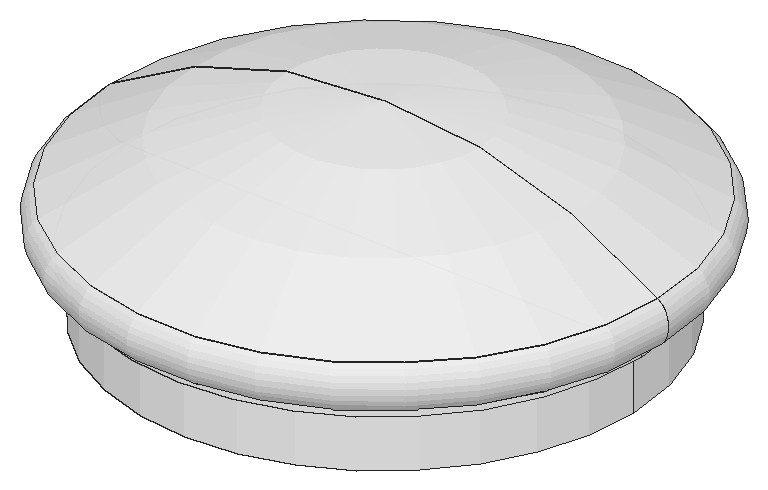
Revit family "3079105 Sylvania_Clio LED_Surface Mounted", category Lighting Fixtures, host Face, Revit 2017
Family settings
  Host = Face
  Round Connector Dimension = Use Diameter
  Part Type = Normal
  OmniClass Number = 23.80.70.11.17
  OmniClass Title = Specialized Lighting by Location or Use
  Cut with Voids When Loaded = No
  Light Source = Yes
  Shared = No
  Room Calculation Point = No
Parameters (values of type "CLIO 320 HO LED 20W WW EB")
  Wattage = 20 W
  built-in parameter 1150110 = 1 (stored number, unit not read)
  Voltage Comments = "UNV (Universal Voltage; 230-240 Volt)"  # constant formula
  Voltage = 230 V  # constant formula
  URL = "http://www.sylvania-lighting.com"
  built-in parameter 1114217 = 1 (stored number, unit not read)
  Tilt Angle = -90.00°
  built-in parameter 1150109 = 1 (stored number, unit not read)
  built-in parameter 1150134 = (empty or 0)
  built-in parameter 1150113 = 1 (stored number, unit not read)
  Radius = 160.00 mm
  Product Page URL = "http://www.sylvania-lighting.com/product/en-int/products/3079105"
  Product Family = "CLIO LED"  # constant formula
  Photometry Comments = ""
  Photometric Web File = "3079101 20W 3000K.ies"
  Life = "40 000h"  # constant formula
  IP Rating = "IP 44"  # constant formula
  IK Rating = "IK 04"  # constant formula
  Height = 108.00 mm
  Electrical Protection = "Class II"  # constant formula
  Drive Current = "200 mA"  # constant formula
  Diameter = Radius * 2  # 320.00 mm
  Difuser Material = Acrylic Glass_Sylvania_Clio LED_White
  built-in parameter 1114216 [instance] = 1 (stored number, unit not read)
  Model = "CLIO 320 HO LED 20W WW EB"
  Manufacturer = "Feilo Sylvania"
  built-in parameter 1150105 = 111.41 (stored number, unit not read)
  Lumens = 1400 lm
  built-in parameter 1150115 = 1 (stored number, unit not read)
  built-in parameter 1150137 = (empty or 0)
  built-in parameter 1150139 = (empty or 0)
  built-in parameter 1150112 = 1 (stored number, unit not read)
  built-in parameter 1150114 = 1 (stored number, unit not read)
  Lamp Comments = "Integrated LED"  # constant formula
  Lamp = "10W"  # constant formula
  built-in parameter 1150132 = 2
  built-in parameter 1150102 = (empty or 0)
  built-in parameter 1150107 = 3000 (stored number, unit not read)
  built-in parameter 1150138 = (empty or 0)
  built-in parameter 1150106 = 1.1141 (stored number, unit not read)
  Body Material = Polycarbonate_Sylvania_Clio LED_White
  built-in parameter 1150104 = 6.5032 (stored number, unit not read)
  Dimming Lamp Color Temperature Shift = <None>
  Description = "Clio LED is a new range of wall and\r\nceiling mounted ambient LED luminaires.\r\nThanks to its IP44 rating, the range can be\r\nused in corridors, circulation spaces and\r\nfoyers or applicable zone 1 bathroom and\r\nwet areas.\r\nClio LED benefits from a simple yet\r\nrobust design. It offers a uniform light\r\ndistribution whilst providing an ambient\r\nhalo lighting effect on the wall surface.\r\nClio LED allows for surface wiring and also\r\nhas loop-in loop-out capability, making it a\r\ncontractor’s first choice."  # constant formula
  Default Elevation = 0.00 mm
  Color Filter = 16777215
  Catalog Number = "3079101 CLIO 320 HO LED 20W WW EB"
  built-in parameter 1140040 [instance] = 1
  built-in parameter 1114218 = 1 (stored number, unit not read)
  built-in parameter 1150133 = 10 (stored number, unit not read)
  Assembly Code = "D5020200"
  Apparent Load Comments = ""
  Apparent Load = 20 VA
Types (5, lengths in mm): name | Wattage | built-in parameter 1150134 | Radius | Photometric Web File | Diameter | Model | built-in parameter 1150105 | Lumens | built-in parameter 1150107 | built-in parameter 1150106 | Catalog Number | Apparent Load
  CLIO 320 HO LED 20W WW EB | 20 W | (empty or 0) | 160.00 | "3079101 20W 3000K.ies" | 320.00 | "CLIO 320 HO LED 20W WW EB" | 111.41 (stored number, unit not read) | 1400 lm | 3000 (stored number, unit not read) | 1.1141 (stored number, unit not read) | "3079101 CLIO 320 HO LED 20W WW EB" | 20 VA
  CLIO 320 HO LED 20W NW EB | 21 W | 12 | 160.00 | "3079102_Clio320HOLED4000K-180002.ies" | 320.00 | "CLIO 320 HO LED 20W NW EB" | 116.98 (stored number, unit not read) | 1470 lm | 4000 (stored number, unit not read) | 1.1698 (stored number, unit not read) | "3079102 CLIO 320 HO LED 20W WW EB" | 20 VA
  CLIO 320 LO LED 15W WW EB | 14.2857 W | (empty or 0) | 160.00 | "3079103_Clio320LOLED3000K-180013.ies" | 320.00 | "CLIO 320 LO LED 15W WW EB" | 268.69 (stored number, unit not read) | 1000 lm | 3000 (stored number, unit not read) | 2.6869 (stored number, unit not read) | "3079103 CLIO 320 LO LED 15W WW EB" | 15 VA
  CLIO 320 LO LED 15W NW EB | 15 W | 12 | 160.00 | "3079104_Clio320LOLED4000K-180024.ies" | 320.00 | "CLIO 320 LO LED 15W NW EB" | 274.93 (stored number, unit not read) | 1050 lm | 4000 (stored number, unit not read) | 2.7493 (stored number, unit not read) | "3079104 CLIO 320 LO LED 15W NW EB" | 15 VA
  CLIO 280 HO LED 10W WW EB | 10.1429 W | (empty or 0) | 140.00 | "3079105_Clio280HOLED3000K-180035.ies" | 280.00 | "CLIO 280 HO LED 10W WW EB" | 173.75 (stored number, unit not read) | 710 lm | 3000 (stored number, unit not read) | 1.7375 (stored number, unit not read) | "3079105 CLIO 280 HO LED 10W WW EB" | 10 VA
Reference planes
  plane 1 "Center (Front/Back)": y = 0
  plane 2: z = 0
  plane 3 "Center (Left/Right)": x = 0
  plane 4 "Fixture Bottom": z = 108
  plane 5 "Fixture Right": x = 160
  plane 6 "Fixture Left": x = -160
  plane 7: z = 30
  plane 8: z = 35
  plane 9: x = 140
  plane 10: x = 145
  plane 11: x = -140
  plane 12: x = -145
  plane 13: x = 154
  plane 14: x = -154
Forms (mm)
  Revolve 1, solid, material "Polycarbonate_Sylvania_Clio LED_White" <- "Body Material", detail levels fine
    sketch origin (0, 0, 0) x (1, 0, 0) y (0, 0, 1)
      loop
        line (0, 0) -> (140, 0) -> (140, 30) -> (145, 30) -> (145, 35) -> (0, 35) -> (0, 0)
      axis (0, 35) -> (0, 0)
    angle from 0 to 360
  Revolve 2, solid, material "Acrylic Glass_Sylvania_Clio LED_White" <- "Difuser Material", detail levels fine
    sketch origin (0, 0, 0) x (1, 0, 0) y (0, 0, 1)
      loop
        line (0, 35) -> (145, 35)
        arc (145, 35) -> (159.252, 45.278) -> (154, 62.045) r 15.02
        arc (154, 62.045) -> (80.556, 96.941) -> (0, 108) r 265.802
        line (0, 108) -> (0, 35)
      axis (0, 108) -> (0, 35)
    angle from 0 to 360
  Revolve 3, solid, material "Polycarbonate_Sylvania_Clio LED_White" <- "Body Material", detail levels coarse+medium
    sketch origin (0, 0, 0) x (1, 0, 0) y (0, 0, 1)
      loop
        line (0, 108) -> (0, 0) -> (140, 0) -> (140, 30) -> (145, 30) -> (145, 35)
        arc (145, 35) -> (159.235, 45.283) -> (154, 62.045) r 15.028
        arc (154, 62.045) -> (80.556, 96.941) -> (0, 108) r 265.802
      axis (0, 108) -> (0, 0)
    angle from 0 to 360
Dimensions and locks
  "Height": plane 4 "Fixture Bottom" to plane 2
  equal spacing: plane 5 "Fixture Right", plane 3 "Center (Left/Right)", plane 6 "Fixture Left"
  "Diameter": plane 5 "Fixture Right" to plane 6 "Fixture Left"
  plane 8 to plane 7 to plane 2 = 5.00 mm locked, 30.00 mm locked
  locked: plane 5 "Fixture Right" to plane 10 at 15
  locked: plane 5 "Fixture Right" to plane 9 at 20
  locked: plane 5 "Fixture Right" to plane 13 at 6
  locked: plane 11 to plane 6 "Fixture Left" at 20
  locked: plane 12 to plane 6 "Fixture Left" at 15
  locked: plane 14 to plane 6 "Fixture Left" at 6
  aligned and locked: host face to plane 2
  aligned and locked: level to host face
  aligned and locked: plane 3 "Center (Left/Right)" to Revolve 1 sketch curve
  aligned and locked: Revolve 1 sketch curve to plane 2
  aligned and locked: plane 8 to Revolve 1 sketch curve
  aligned and locked: Revolve 1 sketch curve to plane 7
  aligned and locked: Revolve 1 sketch curve to plane 9
  aligned and locked: Revolve 1 sketch curve to plane 10
  aligned and locked: Revolve 2 sketch curve to plane 8
  aligned and locked: Revolve 2 sketch curve to plane 3 "Center (Left/Right)"  (x2)
  aligned and locked: plane 10 to Revolve 2 sketch curve
  aligned and locked: plane 2 to Revolve 3 sketch curve
  aligned and locked: plane 9 to Revolve 3 sketch curve
  aligned and locked: Revolve 3 sketch curve to plane 7
  aligned and locked: plane 10 to Revolve 3 sketch curve
  aligned and locked: Revolve 3 sketch curve to plane 3 "Center (Left/Right)"  (x2)
  aligned and locked: imposter light to plane 3 "Center (Left/Right)"
  aligned and locked: plane 4 "Fixture Bottom" to imposter light
  aligned and locked: plane 13 to Revolve 3 sketch curve
  aligned and locked: plane 8 to Revolve 3 sketch curve
  aligned and locked: plane 4 "Fixture Bottom" to Revolve 3 sketch curve
  aligned and locked: plane 13 to Revolve 2 sketch curve
  aligned and locked: plane 4 "Fixture Bottom" to Revolve 2 sketch curve
Automatic sketch dimensions
  host sketch curve to host sketch curve = 1337.794 mm
  host sketch curve to host sketch curve = 1283.632 mm
  Revolve 1 sketch curve to plane 3 "Center (Left/Right)" = 0.00 mm
  Revolve 1 sketch curve to level = 55.00 mm
  Revolve 1 sketch curve to Revolve 1 sketch curve = 25.00 mm
  plane 3 "Center (Left/Right)" to Revolve 3 sketch curve = 4.551 mm
  plane 10 to Revolve 3 sketch curve = 0.025 mm
  Revolve 3 sketch curve to level = 45.00 mm
  plane 8 to Revolve 3 sketch curve = 15.028 mm
  Revolve 3 sketch curve to Revolve 3 sketch curve = 67.00 mm
  plane 3 "Center (Left/Right)" to Revolve 2 sketch curve = 4.551 mm
  level to Revolve 2 sketch curve = 10.00 mm
  Revolve 2 sketch curve to Revolve 2 sketch curve = 12.025 mm
  Revolve 2 sketch curve to Revolve 2 sketch curve = 42.00 mm
Connectors
  electrical at (0, 0, 0), driven by "Voltage", driven by "Apparent Load"
    settings: on Revolve 1, index 1, voltage 230 V, apparent load 0 VA, apparent load phase1 20 VA, apparent load phase2 0 VA, apparent load phase3 0 VA, power factor 1, load classification "Lighting", number of poles 1, system type 31, power factor state 1, is connector primary yes, connector utility no, sub classification motor no, connector description ""
